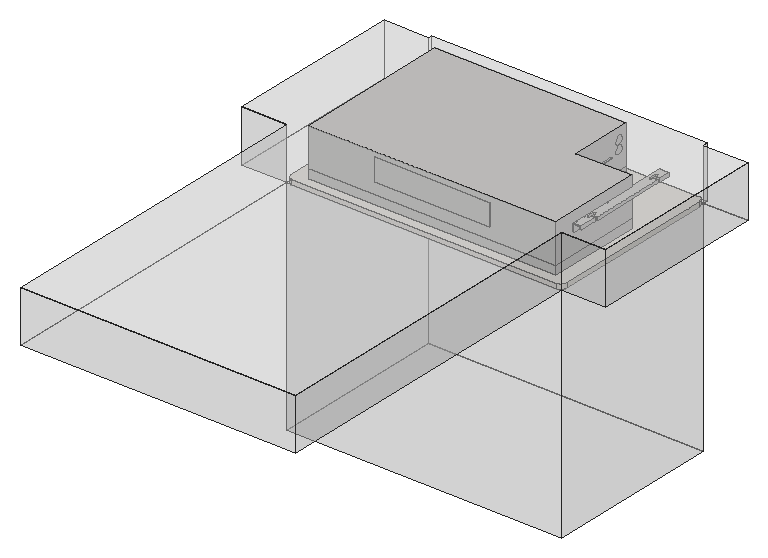
Revit family "outputfile", category 機械設備, Revit 2024
Family settings
  丸型コネクタ寸法 = 半径を使用
  パーツ タイプ = 標準
  OmniClass 番号 = 23.75.10.24.21.27.27
  OmniClass タイトル = Split System Air Conditioning Units
  作業面ベース = いいえ
  常に垂直 = はい
  ロード時にボイドで切り取り = いいえ
  注釈の向きを維持 = いいえ
  共有 = いいえ
  部屋計算ポイント = はい
Parameters (values of type "FXKQ40MAVE4")
  Description = ""
  製造元 = "Daikin"
  書き出し IFC クラス(タイプ) = "IfcUnitaryEquipmentType"
  定義済み IFC タイプ(タイプ) = "AIRCONDITIONINGUNIT"
  Cost = 0
  モデル = "FXKQ40MAVE4"
  Type Comments = ""
  Keynote = ""
  Type Image = (empty or 0)
  Assembly Code = ""
  w_mountinghole = if(Width = 1240.0 mm, 1150.0 mm, 1350.0 mm)  # 1150.0 mm
  w_casing = if(Width = 1240.0 mm, 1110.0 mm, 1310.0 mm)  # 1110.0 mm
  w_block = if(Width = 1240.0 mm, 520.0 mm, 720.0 mm)  # 520.0 mm
  r_OAduct = OA Duct Size Diameter / 2  # 37.5 mm
  r_Liquid Pipe Size = Liquid Pipe Size / 2  # 3.2 mm
  r_Gas Pipe Size = Gas Pipe Size / 2  # 6.35 mm
  r_Drain Pipe Size = Drain Pipe Size / 2  # 12.5 mm
  lw_powersuply = (Width - 130.0 mm) / 2 - 250.0 mm  # 305.0 mm
  lw_gaspipe = 148.0 mm  # constant formula
  lw_drainpipe = 67.0 mm  # constant formula
  lw_liquidpipe = 215.0 mm  # constant formula
  lw_OA = w_casing / 2  # 555.0 mm
  lh_powersuply = 165.0 mm  # constant formula
  lh_liquidpipe = 140.0 mm  # constant formula
  lh_gaspipe = 140.0 mm  # constant formula
  lh_drainpipe = 170.0 mm  # constant formula
  lh_OA = 65.0 mm  # constant formula
  ld_powersuply = 314.0 mm  # constant formula
  ld_liquidpipe = 230.0 mm  # constant formula
  ld_gaspipe = 165.0 mm  # constant formula
  ld_drainpipe = 122.0 mm  # constant formula
  ld_OA = 60.0 mm  # constant formula
  h_mountinghole = 170.0 mm  # constant formula
  h_casing = 215.0 mm  # constant formula
  h_antenna = h_casing - h_mountinghole + 1.0 mm  # 46.0 mm
  d_mountinghole = 350.0 mm  # constant formula
  d_casing = 710.0 mm  # constant formula
  Width = 1240.0 mm
  Voltage_comment_60Hz = "220"
  Voltage_comment_50Hz = "220-240"
  Voltage_60Hz = 220 V
  Voltage_50Hz = 220 V
  Version = "ver.1.0"
  Unit Type = "Single Flow Cassette Type"
  Unit Mass Weight = 31.00 kg
  Unit Designation [instance] = ""
  Uniclass2015Version = "Products v1.30"
  Uniclass2015Title = "Variable refrigerant flow units"
  Uniclass2015Code = "Pr_70_65_03_94"
  URL = ""
  Total Heating Capacity [instance] = 0.000 kW
  Total Cooling Capacity [instance] = 0.000 kW
  Sound Pressure Level_M speed (dBA) = 0
  Sound Pressure Level_L speed (dBA) = 35
  Sound Pressure Level_H speed (dBA) = 41
  Series = "VRV Fan Coil Unit"
  Sensible Cooling Capacity [instance] = 0.000 kW
  Refrigerant Type = "R410A"
  Power Input (Heating) = 0.056 kW
  Power Input (Cooling) = 0.076 kW
  Phase_60Hz = 1
  Phase_50Hz = 1
  Option Accessory 3 [instance] = ""
  Option Accessory 2 [instance] = ""
  Option Accessory 1 [instance] = ""
  OA Duct Size Diameter = 75.0 mm
  Nominal Heating Capacity = 5.000 kW
  Nominal Cooling Capacity = 4.500 kW
  Minimum Circuit Amps_60Hz = 0.5 A
  Minimum Circuit Amps_50Hz = 0.3 A
  Minimum Airflow = 600.00 m³/h
  Median Airflow = 0.00 m³/h
  Maximum Fuse Amps_60Hz = 15.0 A
  Maximum Fuse Amps_50Hz = 15.0 A
  Maximum Airflow = 780.00 m³/h
  Material_Casing = DAIKIN_GalvanizedSteel_Casing_indoorunit
  Load Classification = HVAC
  Liquid Pipe Size = 6.4 mm
  Link_Nested Family [instance] = ""
  IfcVersion = "0"
  IfcExportType = "AIRCONDITIONINGUNIT"
  IfcExportAs = "IfcUnitaryEquipmentType"
  Height = 235.0 mm
  Heating Entering Wet Bulb Temperature [instance] = 0.00 °C
  Heating Entering Dry Bulb Temperature [instance] = 0.00 °C
  Heating Ambient Wet Bulb Temperature [instance] = 0.00 °C
  Heating Ambient Dry Bulb Temperature [instance] = 0.00 °C
  Heat Exchanger Type = "Cross Fin Coil"
  Gas Pipe Size = 12.7 mm
  Frequency_60Hz = 60 Hz
  Frequency_50Hz = 50 Hz
  Fan Type = "Sirocco Fan"
  Fan Drive = "Direct Drive"
  FCU Tag No. [instance] = ""
  Drain Pipe Size = 25.0 mm
  Design Supply Airflow [instance] = 0.00 m³/h
  Design Outdoor Airflow [instance] = 0.00 m³/h
  Depth = 800.0 mm
  既定の高さ = 0.0 mm
  Cooling Entering Wet Bulb Temperature [instance] = 0.00 °C
  Cooling Entering Dry Bulb Temperature [instance] = 0.00 °C
  Cooling Ambient Wet Bulb Temperature [instance] = 0.00 °C
  Cooling Ambient Dry Bulb Temperature [instance] = 0.00 °C
  Clearance visibility [instance] = yes
  Clearance Top = 0.0 mm
  Clearance Right = 200.0 mm
  Clearance Rear = 20.0 mm
  Clearance Left = 200.0 mm
  Clearance Front = 1500.0 mm
  Clearance Bottom = 1000.0 mm
Reference planes
  plane 1 "Center (Front/Back)": y = 0
  plane 2 "ceiling plane": z = 0
  plane 3 "Center (Left/Right)": x = 0
  plane 4 "Back": y = 400
  plane 5 "Front": y = -400
  plane 6 "Left": x = -620
  plane 7 "Right": x = 620
  plane 8 "Top": z = 215
  plane 9 "Bottom": z = -20
  plane 10: x = -555
  plane 11: x = 555
  plane 12: y = 355
  plane 13: y = -355
  plane 14: x = 305
  plane 15: y = 75
  plane 16: y = 175
  plane 17: y = -175
  plane 18: x = -575
  plane 19: x = 575
  plane 20: z = 140
  plane 21: x = 340
  plane 22: y = 230
  plane 23: z = 140
  plane 24: x = 407
  plane 25: y = 165
  plane 26: z = 170
  plane 27: x = 488
  plane 28: y = 122
  plane 29: z = 140
  plane 30: x = -260
  plane 31: x = 260
  plane 32: y = 314
  plane 33: z = 165
  plane 34: x = 340
  plane 35: x = 407
  plane 36: x = 488
  plane 37 "Clearance Rear": y = 420
  plane 38 "Clearance Front": y = -1900
  plane 39 "Clearance Left": x = -820
  plane 40 "Clearance Right": x = 820
  plane 41 "Clearance Top": z = 215
  plane 42 "Clearance Bottom": z = -1020
  plane 43: y = 314
  plane 44: y = 295
  plane 45: z = 150
  plane 46: y = -298
  plane 47: x = -526.5
Forms (mm)
  Extrusion 1, solid, material "DAIKIN_GalvanizedSteel_Casing_indoorunit" <- "Material_Casing"
    sketch origin (0, 0, 0) x (1, 0, 0) y (0, 1, 0)
      loop
        line (-555, 355) -> (-555, -355) -> (555, -355) -> (555, 75) -> (305, 75) -> (305, 355) -> (-555, 355)
    from 38 to 215
  Extrusion 2, solid
    sketch origin (0, 0, 0) x (1, 0, 0) y (0, 0, 1)
      loop
        circle (340, 140) r 3.2
    from 0 to -230
  Extrusion 3, solid
    sketch origin (0, 0, 0) x (1, 0, 0) y (0, 0, 1)
      loop
        circle (407, 140) r 6.35
    from 0 to -165
  Extrusion 4, solid
    sketch origin (0, 0, 0) x (1, 0, 0) y (0, 0, 1)
      loop
        circle (488, 170) r 12.5
    from 0 to -122
  Extrusion 5, solid, material "DAIKIN_GalvanizedSteel_Casing_indoorunit" <- "Material_Casing"
    sketch origin (-1374.64, -355, 1200) x (-1, 0, 0) y (0, 0, 1)
      loop
        line (-1114.64, -1010) -> (-1634.64, -1010) -> (-1634.64, -1110) -> (-1114.64, -1110) -> (-1114.64, -1010)
    from 0 to 5
  Extrusion 6, solid, material "DAIKIN_GalvanizedSteel_Casing_indoorunit" <- "Material_Casing"
    sketch origin (305, 75, 0) x (0, 1, 0) y (0, 0, 1)
      loop
        arc (74.992, 72.003) -> (85, 70) -> (95.008, 72.003) r 26
        line (95.008, 72.003) -> (117.626, 81.437)
        arc (117.626, 81.437) -> (127, 96) -> (117.626, 110.563) r 16
        line (117.626, 110.563) -> (95.008, 119.997)
        arc (95.008, 119.997) -> (85, 122) -> (74.992, 119.997) r 26
        line (74.992, 119.997) -> (52.374, 110.563)
        arc (52.374, 110.563) -> (43, 96) -> (52.374, 81.437) r 16
        line (52.374, 81.437) -> (74.992, 72.003)
      loop
        circle (85, 96) r 20
    from 0 to 5
  Extrusion 7, solid, material "DAIKIN_GalvanizedSteel_Casing_indoorunit" <- "Material_Casing"
    sketch origin (305, 75, 0) x (0, 1, 0) y (0, 0, 1)
      loop
        circle (85, 96) r 7
    from 0 to 18
  Extrusion 8, solid, material "DAIKIN_GalvanizedSteel_Casing_indoorunit" <- "Material_Casing"
    sketch origin (-555, 1296.25, 1200) x (0, 1, 0) y (0, 0, 1)
      loop
        circle (-1001.25, -1050) r 37.5
    from 0 to 5
  Extrusion 9, solid, material "DAIKIN_GalvanizedSteel_Casing_indoorunit" <- "Material_Casing"
    sketch origin (305, 75, 0) x (0, 1, 0) y (0, 0, 1)
      loop
        circle (239, 165) r 17
      loop
        circle (239, 125.153) r 17
    from 0 to -5
  Extrusion 10, solid, material "DAIKIN_GalvanizedSteel_Casing_indoorunit" <- "Material_Casing"
    sketch origin (-1374.64, 355, 1200) x (-1, 0, 0) y (0, 0, 1)
      loop
        circle (-850.64, -1087) r 20
    from 0 to -5
Dimensions and locks
  "Width": plane 6 "Left" to plane 7 "Right"
  "Depth": plane 4 "Back" to plane 5 "Front"
  "Height": plane 8 "Top" to plane 9 "Bottom"
  equal spacing: plane 12, plane 1 "Center (Front/Back)", plane 13
  "d_casing": plane 12 to plane 13
  locked: plane 6 "Left" to plane 10 at 65
  plane 11 to plane 7 "Right" = 65.0 mm
  equal spacing: plane 6 "Left", plane 3 "Center (Left/Right)", plane 7 "Right"
  "w_casing": plane 10 to plane 11
  locked: plane 14 to plane 11 at 250
  locked: plane 12 to plane 15 at 280
  "h_casing": plane 8 "Top" to level
  equal spacing: plane 16, plane 1 "Center (Front/Back)", plane 17
  "d_mountinghole": plane 16 to plane 17
  equal spacing: plane 18, plane 3 "Center (Left/Right)", plane 19
  "w_mountinghole": plane 18 to plane 19
  "lw_liquidpipe": plane 11 to plane 21
  "lh_liquidpipe": plane 20 to level
  "ld_liquidpipe": plane 1 "Center (Front/Back)" to plane 22
  "lh_gaspipe": plane 23 to level
  "lw_gaspipe": plane 11 to plane 24
  "ld_gaspipe": plane 1 "Center (Front/Back)" to plane 25
  "lh_drainpipe": plane 26 to level
  "lw_drainpipe": plane 11 to plane 27
  "ld_drainpipe": plane 1 "Center (Front/Back)" to plane 28
  locked: plane 29 to level at 140
  Extrusion 5 sketch curve to plane 29 to Extrusion 5 sketch curve = 50.0 mm locked, 50.0 mm locked
  equal spacing: plane 31, plane 3 "Center (Left/Right)", plane 30
  "w_block": plane 31 to plane 30
  locked: plane 1 "Center (Front/Back)" to Extrusion 6 sketch curve at 160
  locked: Extrusion 6 sketch curve to level at 96
  plane 1 "Center (Front/Back)" to Extrusion 7 sketch curve = 160.0 mm
  Extrusion 7 sketch curve to level = 96.0 mm
  locked: plane 12 to Extrusion 8 sketch curve at 60
  locked: plane 8 "Top" to Extrusion 8 sketch curve at 65
  locked: Extrusion 10 sketch curve to plane 10 at 31
  locked: plane 8 "Top" to Extrusion 10 sketch curve at 102
  "lh_powersuply": plane 33 to level
  "lw_drainpipe": plane 36 to plane 11
  "lw_gaspipe": plane 35 to plane 11
  "lw_liquidpipe": plane 34 to plane 11
  "lw_powersuply": plane 3 "Center (Left/Right)" to Extrusion 1
  "Clearance Left": plane 39 "Clearance Left" to plane 6 "Left"
  "Clearance Right": plane 7 "Right" to plane 40 "Clearance Right"
  "Clearance Front": plane 5 "Front" to plane 38 "Clearance Front"
  "Clearance Rear": plane 37 "Clearance Rear" to plane 4 "Back"
  "Clearance Top": plane 41 "Clearance Top" to plane 8 "Top"
  "Clearance Bottom": plane 9 "Bottom" to plane 42 "Clearance Bottom"
  "ld_powersuply": plane 43 to plane 1 "Center (Front/Back)"
  "ld_powersuply": plane 1 "Center (Front/Back)" to Extrusion 9 sketch curve
  "ld_OA": plane 12 to plane 44
  "lh_OA": plane 41 "Clearance Top" to plane 45
  locked: plane 46 to plane 13 at 57
  locked: plane 6 "Left" to plane 47 at 93.5
  "r_Liquid Pipe Size": radius of Extrusion 2 sketch curve
  "r_Gas Pipe Size": radius of Extrusion 3 sketch curve
  "r_Drain Pipe Size": radius of Extrusion 4 sketch curve
  aligned and locked: level to plane 2 "ceiling plane"
  aligned and locked: plane 6 "Left" to nested 1
  aligned and locked: plane 7 "Right" to nested 1
  aligned and locked: plane 4 "Back" to nested 1
  aligned and locked: plane 5 "Front" to nested 1
  aligned and locked: plane 9 "Bottom" to nested 1
  aligned and locked: Extrusion 1 sketch curve to plane 10
  aligned and locked: plane 12 to Extrusion 1 sketch curve
  aligned and locked: Extrusion 1 sketch curve to plane 13
  aligned and locked: plane 11 to Extrusion 1 sketch curve
  aligned and locked: Extrusion 1 sketch curve to plane 15
  aligned and locked: plane 14 to Extrusion 1 sketch curve
  aligned and locked: Extrusion 1 to nested 1
  aligned and locked: plane 8 "Top" to Extrusion 1
  aligned and locked: plane 11 to nested 2
  aligned and locked: plane 10 to nested 3
  aligned and locked: nested 7 to plane 16
  aligned and locked: plane 19 to nested 7
  aligned and locked: nested 6 to plane 17
  aligned and locked: plane 19 to nested 6
  aligned and locked: nested 4 to plane 16
  aligned and locked: plane 18 to nested 4
  aligned and locked: nested 5 to plane 17
  aligned and locked: plane 18 to nested 5
  aligned and locked: plane 20 to Extrusion 2 sketch curve
  aligned and locked: plane 21 to Extrusion 2 sketch curve
  aligned and locked: plane 22 to Extrusion 2
  aligned and locked: plane 23 to Extrusion 3 sketch curve
  aligned and locked: plane 24 to Extrusion 3 sketch curve
  aligned and locked: plane 25 to Extrusion 3
  aligned and locked: plane 26 to Extrusion 4 sketch curve
  aligned and locked: plane 27 to Extrusion 4 sketch curve
  aligned and locked: plane 28 to Extrusion 4
  aligned and locked: plane 30 to Extrusion 5 sketch curve
  aligned and locked: Extrusion 5 sketch curve to plane 31
  aligned and locked: plane 32 to Extrusion 9 sketch curve
  aligned and locked: plane 33 to Extrusion 9 sketch curve
  aligned and locked: nested 8 to plane 34
  aligned and locked: plane 22 to nested 8
  aligned and locked: nested 9 to plane 35
  aligned and locked: plane 25 to nested 9
  aligned and locked: nested 10 to plane 36
  aligned and locked: plane 28 to nested 10
  aligned and locked: Extrusion 1 to nested 11
  aligned and locked: plane 43 to nested 11
  aligned and locked: nested 12 to plane 44
  aligned and locked: nested 12 to plane 10
  aligned and locked: nested 12 to plane 45
  aligned and locked: plane 1 "Center (Front/Back)" to nested 14
  aligned and locked: nested 14 to plane 3 "Center (Left/Right)"
  aligned and locked: plane 41 "Clearance Top" to nested 14
  aligned and locked: nested 13 to plane 46
  aligned and locked: plane 47 to nested 13
Automatic sketch dimensions
  Extrusion 6 sketch curve to Extrusion 6 sketch curve = 0.0 mm  (x4)
  Extrusion 1 to Extrusion 6 sketch curve = 34.003 mm  (x2)
  Extrusion 6 sketch curve to Extrusion 6 sketch curve = 10.008 mm  (x2)
  Extrusion 6 sketch curve to Extrusion 6 sketch curve = 26.0 mm  (x2)
  Extrusion 6 sketch curve to Extrusion 6 sketch curve = 6.626 mm  (x4)
  Extrusion 6 sketch curve to Extrusion 6 sketch curve = 20.016 mm
  Extrusion 1 to Extrusion 6 sketch curve = 43.437 mm
  Extrusion 6 sketch curve to Extrusion 6 sketch curve = 9.433 mm  (x2)
  Extrusion 6 sketch curve to Extrusion 6 sketch curve = 14.563 mm  (x2)
  Extrusion 9 sketch curve to Extrusion 9 sketch curve = 39.847 mm
  radius of Extrusion 6 sketch curve = 20.0 mm
  radius of Extrusion 7 sketch curve = 7.0 mm
  radius of Extrusion 8 sketch curve = 37.5 mm
  radius of Extrusion 10 sketch curve = 20.0 mm
  radius of Extrusion 9 sketch curve = 17.0 mm  (x2)
Nested families
  nested 1: "daikin_round flow_panel" at (0, 0, 0), type "fresh white"
  nested 2: "daikin_hangerfixture_FXKQ-MAVE4" at (555, -12.527, 170) x (0, 1, 0) z (0, 0, 1), built-in parameter 1001364 <- "h_mountinghole", type "daikin_hangerfixture_FXKQ-MAVE4"
  nested 3: "daikin_hangerfixture_FXKQ-MAVE4" at (-555, -12.527, 170) x (0, 1, 0) z (0, 0, 1), built-in parameter 1001364 <- "h_mountinghole", type "daikin_hangerfixture_FXKQ-MAVE4"
  nested 4: "daikin_mountinghole" at (-575, 175, 0), l_antenna <- "h_antenna", Link_Nested Family <- "Link_Nested Family", h_mountinghole <- "h_mountinghole", type "daikin_mountinghole"
    with show yes, l_antenna 46.0 mm, h_mountinghole 170.0 mm, Link_Nested Family ""
  nested 5: "daikin_mountinghole" at (-575, -175, 0), l_antenna <- "h_antenna", Link_Nested Family <- "Link_Nested Family", h_mountinghole <- "h_mountinghole", type "daikin_mountinghole"
    with show yes, l_antenna 46.0 mm, h_mountinghole 170.0 mm, Link_Nested Family ""
  nested 6: "daikin_mountinghole" at (575, -175, 0), l_antenna <- "h_antenna", Link_Nested Family <- "Link_Nested Family", h_mountinghole <- "h_mountinghole", type "daikin_mountinghole"
    with show yes, l_antenna 46.0 mm, h_mountinghole 170.0 mm, Link_Nested Family ""
  nested 7: "daikin_mountinghole" at (575, 175, 0), l_antenna <- "h_antenna", Link_Nested Family <- "Link_Nested Family", h_mountinghole <- "h_mountinghole", type "daikin_mountinghole"
    with show yes, l_antenna 46.0 mm, h_mountinghole 170.0 mm, Link_Nested Family ""
  nested 8: "daikin_connector_rotate2" at (340, 0, 140) x (-1, 0, 0) z (0, 0, 1), built-in parameter 1001364 <- "lh_liquidpipe", radius <- "r_Liquid Pipe Size", length <- "ld_liquidpipe", type "daikin_connector_rotate2"
    with radius 3.2 mm, length 230.0 mm, angle_vertical 90.00°, show_face no
  nested 9: "daikin_connector_rotate2" at (407, 0, 140) x (-1, 0, 0) z (0, 0, 1), built-in parameter 1001364 <- "lh_gaspipe", radius <- "r_Gas Pipe Size", length <- "ld_gaspipe", type "daikin_connector_rotate2"
    with radius 6.35 mm, length 165.0 mm, angle_vertical 90.00°, show_face no
  nested 10: "daikin_connector_rotate2" at (488, 0, 170) x (-1, 0, 0) z (0, 0, 1), built-in parameter 1001364 <- "lh_drainpipe", radius <- "r_Drain Pipe Size", length <- "ld_drainpipe", type "daikin_connector_rotate2"
    with radius 12.5 mm, length 122.0 mm, angle_vertical 90.00°, show_face no
  nested 11: "daikin_connector_rotate2" at (0, 314, 165) x (0, 1, 0) z (0, 0, 1), length <- "lw_powersuply", built-in parameter 1001364 <- "lh_powersuply", type "daikin_connector_rotate2"
    with radius 10.0 mm, length 305.0 mm, angle_vertical 90.00°, show_face no
  nested 12: "daikin_connector_rotate2" at (0, 295, 150) x (0, -1, 0) z (0, 0, 1), radius <- "r_OAduct", length <- "lw_OA", type "daikin_connector_rotate2"
    with radius 37.5 mm, length 555.0 mm, angle_vertical 90.00°, show_face no
  nested 13: "daikin_logo_plane_w40" at (-526.5, -298, -22), type "daikin_logo_plane_w40"
    with show_logo yes
  nested 14: "daikin_clearancespace_cassette" at (0, 0, 97.5), depth_outline <- "Depth", height_outline <- "Height", width_outline <- "Width", depth_front <- "Clearance Front", depth_rear <- "Clearance Rear", height_bottom <- "Clearance Bottom", height_top <- "Clearance Top", width_left <- "Clearance Left", width_right <- "Clearance Right", show <- "Clearance visibility", visible <- "Clearance visibility", Link_Nested Family <- "Link_Nested Family", type "daikin_clearancespace_cassette"
    with width_right 200.0 mm, width_outline 1240.0 mm, width_left 200.0 mm, width 1823.963 mm, show yes, height_top 0.0 mm, height_outline 235.0 mm, height_bottom 1000.0 mm, height 1359.762 mm, depth_rear 20.0 mm, depth_outline 800.0 mm, depth_front 1500.0 mm, depth 880.0 mm, Link_Nested Family ""
Connectors
  electrical at (305, 314, 165), driven by "Load Classification"
    settings: on nested 11, index 1, voltage 0 V, apparent load 0 VA, apparent load phase1 0 VA, apparent load phase2 0 VA, apparent load phase3 0 VA, power factor 1, load classification "HVAC", number of poles 1, system type 30, power factor state 1, is connector primary yes, connector utility no, sub classification motor no, connector description "Power Supply"
  piping at (340, 230, 140), diameter 6.4, driven by "r_Liquid Pipe Size"
    settings: on nested 8, index 2, connector inside diameter 609.6 mm, connector length 0.0 mm, flow factor 0, pipe flow 0.00 m³/h, pressure drop 0.0 Pa, fitting loss kfactor 0, connector angle 0.00°, fixture units 0, engagement length 0.0 mm, angle of deflection 0.00°, flow configuration 1, flow direction 1, fitting loss method 0, system type 29, joint type 0, gender type 0, connector reference index -1, connector utility 0, adjustable connector no, is connector primary yes, connector description "Refrigerant Liquid Piping"
  piping at (407, 165, 140), diameter 12.7, driven by "r_Gas Pipe Size"
    settings: on nested 9, index 3, connector inside diameter 609.6 mm, connector length 0.0 mm, flow factor 0, pipe flow 0.00 m³/h, pressure drop 0.0 Pa, fitting loss kfactor 0, connector angle 0.00°, fixture units 0, engagement length 0.0 mm, angle of deflection 0.00°, flow configuration 1, flow direction 2, fitting loss method 0, system type 29, joint type 0, gender type 0, connector reference index -1, connector utility 0, adjustable connector no, is connector primary no, connector description "Refrigerant Gas Piping"
  piping at (488, 122, 170), diameter 25, driven by "r_Drain Pipe Size"
    settings: on nested 10, index 4, connector inside diameter 609.6 mm, connector length 0.0 mm, flow factor 0, pipe flow 0.00 m³/h, pressure drop 0.0 Pa, fitting loss kfactor 0, connector angle 0.00°, fixture units 0, engagement length 0.0 mm, angle of deflection 0.00°, flow configuration 1, flow direction 2, fitting loss method 4, system type 16, joint type 0, gender type 0, connector reference index -1, connector utility 0, adjustable connector no, is connector primary no, connector description "Condensate Drain Piping"
  hvac at (-555, 295, 150), driven by "r_OAduct"
    settings: on nested 12, index 5, duct flow 0.00 m³/h, flow factor 0, pres drop 0.00 Pa, loss coef 0, conn angle 0.00°, conn width 304.8 mm, conn height 304.8 mm, conn diameter 75.0 mm, duct sys type 1, conn prof type 0, flow config 0, flow direction 1, loss method 4, conn ref index -1, conn util no, is conn primary yes, conn desc "OA Duct"
Definition of nested family "daikin_round flow_panel"
  Parameters (values of type "fresh white")
    width = if(W = 1240.0 mm, 1240.0 mm, 1440.0 mm)  # 1240.0 mm
    w_casing = width - 130.0 mm  # 1110.0 mm
    material_panel = none
    material_casing = none
    height = 58.0 mm  # constant formula
    depth = 800.0 mm  # constant formula
    d_casing = 710.0 mm  # constant formula
    W = 1240.0 mm
    Default Elevation = 0.0 mm
  Reference planes
    plane 1 "Center (Front/Back)": y = 0
    plane 2: z = 0
    plane 3 "Center (Left/Right)": x = 0
    plane 4: y = 400
    plane 5: y = -400
    plane 6: x = -620
    plane 7: x = 620
    plane 8 "Bottom": z = -20
    plane 9: y = 355
    plane 10: y = -355
    plane 11: x = -555
    plane 12: x = 555
    plane 13: z = 38
    plane 14: x = -563
    plane 15: x = 563
    plane 16: y = 341
    plane 17: y = -350
    plane 18: y = 71
    plane 19: y = -228
    plane 20: x = -490
    plane 21: x = 490
    plane 22: x = 305
    plane 23: y = 75
  Forms (mm)
    Extrusion 1, solid, material <- "material_casing"
      sketch origin (0, 0, 0) x (1, 0, 0) y (0, 1, 0)
        loop
          line (-555, 355) -> (-555, -355) -> (555, -355) -> (555, 355) -> (-555, 355)
      from 0 to 38
    Extrusion 2, solid, material <- "material_panel"
      sketch origin (0, 0, 0) x (1, 0, 0) y (0, 1, 0)
        loop
          arc (-595, 400) -> (-612.678, 392.678) -> (-620, 375) r 25
          line (-620, 375) -> (-620, -375)
          arc (-620, -375) -> (-612.678, -392.678) -> (-595, -400) r 25
          line (-595, -400) -> (595, -400)
          arc (595, -400) -> (612.678, -392.678) -> (620, -375) r 25
          line (620, -375) -> (620, 375)
          arc (620, 375) -> (612.678, 392.678) -> (595, 400) r 25
          line (595, 400) -> (-595, 400)
      from 0 to -20
    Extrusion 3, void
      sketch origin (0, 0, 0) x (1, 0, 0) y (0, 1, 0)
        loop
          line (-563, 400) -> (-563, -400) -> (563, -400) -> (563, 400) -> (-563, 400)
      from -10 to -20
    Extrusion 4, solid, material <- "material_panel"
      sketch origin (0, 0, 0) x (1, 0, 0) y (0, 1, 0)
        loop
          line (-563, 400) -> (-563, 341) -> (563, 341) -> (563, 400) -> (-563, 400)
        loop
          line (-563, -350) -> (-563, -400) -> (563, -400) -> (563, -350) -> (-563, -350)
      from -20 to -10
    Extrusion 5, solid, material <- "material_panel"
      sketch origin (0, 0, 0) x (1, 0, 0) y (0, 1, 0)
        loop
          line (-563, 341) -> (-563, 71) -> (563, 71) -> (563, 341) -> (-563, 341)
      from -20 to -10
    Extrusion 6, solid, material <- "material_panel"
      sketch origin (0, 0, 0) x (1, 0, 0) y (0, 1, 0)
        loop
          line (-563, 71) -> (-563, -228) -> (563, -228) -> (563, 71) -> (-563, 71)
      from -20 to -10
    Extrusion 7, solid, material <- "material_panel"
      sketch origin (0, 0, 0) x (1, 0, 0) y (0, 1, 0)
        loop
          line (-563, -228) -> (-563, -350) -> (-490, -350) -> (-490, -228) -> (-563, -228)
        loop
          line (490, -228) -> (490, -350) -> (563, -350) -> (563, -228) -> (490, -228)
      from -20 to -10
    Extrusion 8, solid, material <- "material_panel"
      sketch origin (0, 0, 0) x (1, 0, 0) y (0, 1, 0)
        loop
          line (-490, -228) -> (-490, -350) -> (-472, -350) -> (-472, -228) -> (-490, -228)
        loop
          line (472, -228) -> (472, -350) -> (490, -350) -> (490, -228) -> (472, -228)
      from -20 to -10
    Extrusion 9, solid, material <- "material_panel"
      sketch origin (0, 0, 0) x (1, 0, 0) y (0, 1, 0)
        loop
          line (-472, -228) -> (-472, -350) -> (472, -350) -> (472, -228) -> (-472, -228)
      from -20 to -10
    Extrusion 10, void
      sketch origin (0, 0, 0) x (1, 0, 0) y (0, 1, 0)
        loop
          line (305, 355) -> (305, 75) -> (555, 75) -> (555, 355) -> (305, 355)
      from 38 to 0
  Cuts and joins
    Extrusion 3, Extrusion 10 cuts Extrusion 1
    Extrusion 3, Extrusion 10 cuts Extrusion 2
    Extrusion 10 cuts Extrusion 4
    joined: Extrusion 2, Extrusion 4
  Dimensions and locks
    "width": plane 6 to plane 7
    "depth": plane 4 to plane 5
    equal spacing: plane 6, plane 3 "Center (Left/Right)", plane 7
    equal spacing: plane 4, plane 1 "Center (Front/Back)", plane 5
    equal spacing: plane 9, plane 1 "Center (Front/Back)", plane 10
    "d_casing": plane 9 to plane 10
    equal spacing: plane 11, plane 3 "Center (Left/Right)", plane 12
    "w_casing": plane 11 to plane 12
    locked: level to plane 8 "Bottom" at 20
    locked: plane 6 to plane 14 at 57
    locked: plane 15 to plane 7 at 57
    "height": plane 13 to plane 8 "Bottom"
    locked: plane 4 to plane 16 at 59
    locked: plane 17 to plane 5 at 50
    locked: cut or joined group of Extrusion 2, Extrusion 3, Extrusion 4, Extrusion 10 to plane 18 at 270
    locked: plane 19 to Extrusion 5 at 299
    locked: plane 14 to plane 20 at 73
    locked: plane 21 to plane 15 at 73
    locked: plane 9 to plane 23 at 280
    locked: plane 22 to plane 12 at 250
    plane 6 to Extrusion 8 sketch curve to Extrusion 8 sketch curve = 130.0 mm locked, 18.0 mm locked
    Extrusion 8 sketch curve to Extrusion 8 sketch curve to plane 7 = 18.0 mm locked, 130.0 mm locked
    radius of Extrusion 2 sketch curve = 25.0 mm  (x4)
    aligned and locked: level to plane 2
    aligned and locked: plane 11 to Extrusion 1 sketch curve
    aligned and locked: Extrusion 1 sketch curve to plane 12
    aligned and locked: Extrusion 1 sketch curve to plane 9
    aligned and locked: plane 10 to Extrusion 1 sketch curve
    aligned and locked: Extrusion 1 to level
    aligned and locked: plane 13 to Extrusion 1
    aligned and locked: Extrusion 2 sketch curve to plane 4
    aligned and locked: plane 6 to Extrusion 2 sketch curve
    aligned and locked: plane 5 to Extrusion 2 sketch curve
    aligned and locked: Extrusion 2 sketch curve to plane 7
    aligned and locked: Extrusion 2 to plane 8 "Bottom"
    aligned and locked: level to Extrusion 2
    aligned and locked: plane 14 to Extrusion 3 sketch curve
    aligned and locked: Extrusion 3 sketch curve to plane 15
    aligned and locked: Extrusion 3 sketch curve to plane 4
    aligned and locked: plane 5 to Extrusion 3 sketch curve
    aligned and locked: plane 8 "Bottom" to Extrusion 3
    aligned and locked: plane 16 to Extrusion 4 sketch curve
    aligned and locked: Extrusion 4 sketch curve to plane 4
    aligned and locked: plane 14 to Extrusion 4 sketch curve  (x2)
    aligned and locked: Extrusion 4 sketch curve to plane 15  (x2)
    aligned and locked: Extrusion 4 sketch curve to plane 17
    aligned and locked: plane 5 to Extrusion 4 sketch curve
    aligned and locked: Extrusion 4 to cut or joined group of Extrusion 2, Extrusion 3, Extrusion 4, Extrusion 10
    aligned and locked: Extrusion 4 to plane 8 "Bottom"
    aligned and locked: Extrusion 5 sketch curve to cut or joined group of Extrusion 2, Extrusion 3, Extrusion 4, Extrusion 10  (x2)
    aligned and locked: Extrusion 5 sketch curve to plane 18
    aligned and locked: Extrusion 5 sketch curve to plane 15
    aligned and locked: Extrusion 5 to cut or joined group of Extrusion 2, Extrusion 3, Extrusion 4, Extrusion 10
    aligned and locked: Extrusion 5 to plane 8 "Bottom"
    aligned and locked: Extrusion 5 to Extrusion 6 sketch curve
    aligned and locked: Extrusion 6 sketch curve to plane 19
    aligned and locked: plane 14 to Extrusion 6 sketch curve
    aligned and locked: Extrusion 6 sketch curve to plane 15
    aligned and locked: Extrusion 6 to cut or joined group of Extrusion 2, Extrusion 3, Extrusion 4, Extrusion 10
    aligned and locked: Extrusion 6 to plane 8 "Bottom"
    aligned and locked: Extrusion 6 to Extrusion 7 sketch curve  (x2)
    aligned and locked: cut or joined group of Extrusion 2, Extrusion 3, Extrusion 4, Extrusion 10 to Extrusion 7 sketch curve  (x2)
    aligned and locked: plane 21 to Extrusion 7 sketch curve
    aligned and locked: Extrusion 7 sketch curve to plane 15
    aligned and locked: Extrusion 7 sketch curve to plane 20
    aligned and locked: plane 14 to Extrusion 7 sketch curve
    aligned and locked: Extrusion 7 to cut or joined group of Extrusion 2, Extrusion 3, Extrusion 4, Extrusion 10
    aligned and locked: Extrusion 7 to plane 8 "Bottom"
    aligned and locked: cut or joined group of Extrusion 2, Extrusion 3, Extrusion 4, Extrusion 10 to Extrusion 8
    aligned and locked: Extrusion 8 to plane 8 "Bottom"
    aligned and locked: Extrusion 6 to Extrusion 9 sketch curve
    aligned and locked: cut or joined group of Extrusion 2, Extrusion 3, Extrusion 4, Extrusion 10 to Extrusion 9 sketch curve
    aligned and locked: cut or joined group of Extrusion 2, Extrusion 3, Extrusion 4, Extrusion 10 to Extrusion 9
    aligned and locked: Extrusion 9 to plane 8 "Bottom"
    aligned and locked: Extrusion 10 sketch curve to plane 9
    aligned and locked: Extrusion 10 sketch curve to plane 23
    aligned and locked: plane 22 to Extrusion 10 sketch curve
    aligned and locked: Extrusion 10 sketch curve to plane 12
    aligned and locked: Extrusion 10 to plane 13
    aligned and locked: Extrusion 10 to level
  Automatic sketch dimensions
    plane 11 to Extrusion 9 sketch curve = 83.0 mm
    Extrusion 9 sketch curve to plane 12 = 83.0 mm
    plane 10 to Extrusion 8 sketch curve = 5.0 mm  (x2)
    Extrusion 8 sketch curve to Extrusion 8 sketch curve = 122.0 mm  (x2)
Definition of nested family "daikin_hangerfixture_FXKQ-MAVE4"
  Parameters (values of type "daikin_hangerfixture_FXKQ-MAVE4")
    width = 495.0 mm
    material = none
    height = 40.0 mm
    depth = 40.0 mm
    Default Elevation = 0.0 mm
  Reference planes
    plane 1 "Center (Front/Back)": y = 0
    plane 2: z = 0
    plane 3 "Center (Left/Right)": x = 0
    plane 4: y = 417.146
    plane 5: y = -40
    plane 6: x = -247.5
    plane 7: x = 247.5
    plane 8: z = -4.6
    plane 9: z = -16
    plane 10: y = -2.3
    plane 11: y = -35.4
    plane 12 "CENTER": y = -20
    plane 13: z = -40
  Forms (mm)
    Extrusion 1, solid, material <- "material"
      sketch origin (0, 0, 0) x (1, 0, 0) y (0, 1, 0)
        loop
          line (-247.5, -40) -> (-168.5, -40) -> (-168.5, -29)
          arc (-168.5, -29) -> (-169.379, -26.879) -> (-171.5, -26) r 3
          line (-171.5, -26) -> (-176.5, -26)
          arc (-176.5, -26) -> (-182.5, -20) -> (-176.5, -14) r 6
          line (-176.5, -14) -> (-148.5, -14)
          arc (-148.5, -14) -> (-142.5, -20) -> (-148.5, -26) r 6
          line (-148.5, -26) -> (-153.5, -26)
          arc (-153.5, -26) -> (-155.621, -26.879) -> (-156.5, -29) r 3
          line (-156.5, -29) -> (-156.5, -40) -> (181.5, -40) -> (181.5, -29)
          arc (181.5, -29) -> (180.621, -26.879) -> (178.5, -26) r 3
          line (178.5, -26) -> (173.5, -26)
          arc (173.5, -26) -> (167.5, -20) -> (173.5, -14) r 6
          line (173.5, -14) -> (201.5, -14)
          arc (201.5, -14) -> (207.5, -20) -> (201.5, -26) r 6
          line (201.5, -26) -> (196.5, -26)
          arc (196.5, -26) -> (194.379, -26.879) -> (193.5, -29) r 3
          line (193.5, -29) -> (193.5, -40) -> (247.5, -40) -> (247.5, 0) -> (-247.5, 0) -> (-247.5, -40)
      from 0 to -4.6
    Extrusion 2, solid, material <- "material"
      sketch origin (-1008.844, -40, 1200) x (-1, 0, 0) y (0, 0, 1)
        loop
          line (-761.344, -1200) -> (-840.344, -1200) -> (-840.344, -1210)
          arc (-840.344, -1210) -> (-838.587, -1214.243) -> (-834.344, -1216) r 6
          line (-834.344, -1216) -> (-767.344, -1216)
          arc (-767.344, -1216) -> (-763.102, -1214.243) -> (-761.344, -1210) r 6
          line (-761.344, -1210) -> (-761.344, -1200)
        loop
          line (-852.344, -1200) -> (-1190.344, -1200) -> (-1190.344, -1210)
          arc (-1190.344, -1210) -> (-1188.587, -1214.243) -> (-1184.344, -1216) r 6
          line (-1184.344, -1216) -> (-858.344, -1216)
          arc (-858.344, -1216) -> (-854.102, -1214.243) -> (-852.344, -1210) r 6
          line (-852.344, -1210) -> (-852.344, -1200)
        loop
          line (-1202.344, -1200) -> (-1256.344, -1200) -> (-1256.344, -1210)
          arc (-1256.344, -1210) -> (-1254.587, -1214.243) -> (-1250.344, -1216) r 6
          line (-1250.344, -1216) -> (-1208.344, -1216)
          arc (-1208.344, -1216) -> (-1204.102, -1214.243) -> (-1202.344, -1210) r 6
          line (-1202.344, -1210) -> (-1202.344, -1200)
      from 0 to 4.6
    Extrusion 3, solid, material <- "material"
      sketch origin (0, 0, 0) x (1, 0, 0) y (0, 0, 1)
        loop
          line (-237.5, -40) -> (237.5, -40)
          arc (237.5, -40) -> (244.571, -37.071) -> (247.5, -30) r 10
          line (247.5, -30) -> (247.5, 0) -> (-247.5, 0) -> (-247.5, -30)
          arc (-247.5, -30) -> (-244.571, -37.071) -> (-237.5, -40) r 10
      from 0 to 4.6
  Cuts and joins
    joined: Extrusion 1, Extrusion 2, Extrusion 3
  Dimensions and locks
    "width": plane 6 to plane 7
    "depth": plane 5 to plane 1 "Center (Front/Back)"
    plane 2 to plane 8 = 4.6 mm
    plane 10 to plane 1 "Center (Front/Back)" = 2.3 mm
    plane 11 to plane 5 = 4.6 mm
    equal spacing: plane 5, plane 12 "CENTER", plane 1 "Center (Front/Back)"
    plane 6 to plane 3 "Center (Left/Right)" = 247.5 mm
    plane 3 "Center (Left/Right)" to plane 7 = 247.5 mm
    "height": level to plane 13
    aligned and locked: level to plane 2
    aligned and locked: plane 2 to Extrusion 1
    aligned and locked: Extrusion 1 sketch curve to plane 5
    aligned and locked: Extrusion 1 sketch curve to plane 6
    aligned and locked: Extrusion 3 sketch curve to plane 13
    aligned and locked: Extrusion 3 sketch curve to cut or joined group of Extrusion 1, Extrusion 2, Extrusion 3  (x2)
    aligned and locked: Extrusion 3 sketch curve to plane 6
  Automatic sketch dimensions
    Extrusion 2 sketch curve to plane 9 = 0.0 mm  (x3)
    Extrusion 2 sketch curve to level = 0.0 mm  (x3)
    Extrusion 2 sketch curve to Extrusion 2 sketch curve = 6.0 mm  (x3)
    Extrusion 2 sketch curve to Extrusion 2 sketch curve = 18.0 mm
    plane 9 to Extrusion 2 sketch curve = 6.0 mm  (x2)
    plane 6 to Extrusion 2 sketch curve = 6.0 mm
    Extrusion 2 sketch curve to plane 7 = 0.0 mm
    Extrusion 2 sketch curve to plane 6 = 0.0 mm
    Extrusion 2 sketch curve to Extrusion 2 sketch curve = 42.0 mm
    Extrusion 2 sketch curve to Extrusion 2 sketch curve = 12.0 mm
    Extrusion 2 sketch curve to Extrusion 2 sketch curve = 91.0 mm
    Extrusion 1 sketch curve to plane 12 "CENTER" = 0.0 mm  (x4)
    Extrusion 1 sketch curve to plane 5 = 0.0 mm  (x2)
    Extrusion 1 sketch curve to plane 7 = 0.0 mm
    plane 1 "Center (Front/Back)" to Extrusion 1 sketch curve = 0.0 mm
    Extrusion 1 sketch curve to plane 12 "CENTER" = 6.0 mm  (x2)
    plane 6 to Extrusion 1 sketch curve = 71.0 mm
    Extrusion 1 sketch curve to Extrusion 1 sketch curve = 5.0 mm  (x4)
    Extrusion 1 sketch curve to Extrusion 1 sketch curve = 3.0 mm  (x4)
    Extrusion 1 sketch curve to Extrusion 1 sketch curve = 12.0 mm  (x2)
    Extrusion 1 sketch curve to plane 7 = 74.0 mm
    plane 6 to Extrusion 3 sketch curve = 10.0 mm
    Extrusion 3 sketch curve to plane 7 = 10.0 mm
Definition of nested family "daikin_logo_plane_w40"
  Parameters (values of type "daikin_logo_plane_w40")
    width = 40.0 mm
    show_logo [instance] = yes
    material = none
    height = 0.0 mm
    depth = 0.0 mm
    Default Elevation = 0.0 mm
  Reference planes
    plane 1 "Center (Front/Back)": y = 0
    plane 2: z = 0
    plane 3 "Center (Left/Right)": x = 0
    plane 4: z = 2
    plane 5 "left": x = -19
    plane 6: x = 19
  Forms (mm)
    Extrusion 1, solid, visible <- "show_logo"
      sketch origin (-19, 0, 0) x (1, 0, 0) y (0, 1, 0)
        loop
          line (8.902, -1.878) -> (7.789, -6.332) -> (11.13, -6.332)
          arc (11.13, -6.332) -> (12.454, -6.064) -> (13.472, -5.176) r 2.642
          arc (13.472, -5.176) -> (13.92, -4.02) -> (13.767, -2.79) r 2.537
          arc (13.767, -2.79) -> (13.452, -2.342) -> (12.982, -2.06) r 1.321
          arc (12.982, -2.06) -> (12.063, -1.902) -> (11.13, -1.878) r 6.479
          line (11.13, -1.878) -> (8.902, -1.878)
        loop
          line (10.016, -5.441) -> (10.907, -5.441)
          arc (10.907, -5.441) -> (11.591, -4.983) -> (11.988, -4.261) r 1.742
          spline (11.988, -4.261) -> (12.01, -4.155) -> (12.027, -4.03) -> (12.037, -3.893) -> (12.037, -3.747) -> (12.026, -3.598) -> (12.002, -3.451) -> (11.962, -3.31) -> (11.905, -3.181) -> (11.829, -3.069) -> (11.731, -2.978) -> (11.61, -2.913) -> (11.464, -2.88)
          line (11.464, -2.88) -> (10.573, -2.88) -> (10.016, -5.441)
        loop
          line (13.58, -6.332) -> (14.805, -6.332) -> (15.223, -5.553) -> (16.977, -5.553) -> (17.144, -6.332) -> (19.149, -6.332) -> (18.258, -1.878) -> (16.03, -1.878) -> (13.58, -6.332)
        loop
          line (16.476, -3.214) -> (15.76, -4.551) -> (16.762, -4.551) -> (16.476, -3.214)
        loop
          line (19.705, -6.332) -> (21.599, -6.332) -> (22.712, -1.878) -> (20.819, -1.878) -> (19.705, -6.332)
        loop
          line (22.712, -6.332) -> (24.606, -6.332) -> (24.908, -5.122) -> (25.831, -6.332) -> (28.17, -6.332) -> (26.388, -3.994) -> (28.949, -1.878) -> (26.945, -1.878) -> (25.401, -3.153) -> (25.719, -1.878) -> (23.826, -1.878) -> (22.712, -6.332)
        loop
          line (29.84, -1.878) -> (28.615, -6.332) -> (30.62, -6.332) -> (31.734, -1.878) -> (29.84, -1.878)
        loop
          line (31.734, -6.332) -> (33.07, -6.332) -> (33.7, -3.814) -> (34.518, -6.332) -> (36.745, -6.332) -> (37.859, -1.878) -> (36.523, -1.878) -> (35.845, -4.589) -> (34.963, -1.878) -> (32.847, -1.878) -> (31.734, -6.332)
      from 0 to 2
    Extrusion 2, solid, visible <- "show_logo"
      sketch origin (-19, 0, 0) x (1, 0, 0) y (0, 1, 0)
        loop
          line (8.7, 0) -> (4.235, 0) -> (0, -3.879) -> (0, -8) -> (8.7, 0)
      from 0 to 2
    Extrusion 3, solid, visible <- "show_logo"
      sketch origin (-19, 0, 0) x (1, 0, 0) y (0, 1, 0)
        loop
          line (0, 0) -> (0, -3.879) -> (4.235, 0) -> (0, 0)
      from 0 to 2
  Dimensions and locks
    plane 4 to plane 2 = 2.0 mm
    equal spacing: plane 5 "left", plane 3 "Center (Left/Right)", plane 6
    locked: plane 5 "left" to plane 6 at 38
    aligned and locked: level to plane 2
    aligned and locked: Extrusion 3 to plane 1 "Center (Front/Back)"  (x2)
    aligned and locked: Extrusion 2 to plane 1 "Center (Front/Back)"  (x2)
    aligned and locked: plane 4 to Extrusion 1
    aligned and locked: plane 4 to Extrusion 3
    aligned and locked: plane 4 to Extrusion 2
    aligned and locked: Extrusion 3 to plane 5 "left"
    aligned and locked: Extrusion 2 to plane 5 "left"
  Automatic sketch dimensions
    Extrusion 1 sketch curve to Extrusion 1 sketch curve = 0.901 mm
    Extrusion 1 sketch curve to Extrusion 1 sketch curve = 1.559 mm
    Extrusion 1 sketch curve to Extrusion 1 sketch curve = 1.327 mm
    Extrusion 1 sketch curve to Extrusion 1 sketch curve = 2.145 mm
    Extrusion 1 sketch curve to Extrusion 1 sketch curve = 1.448 mm
    Extrusion 1 sketch curve to Extrusion 1 sketch curve = 2.116 mm
    Extrusion 1 sketch curve to Extrusion 1 sketch curve = 1.114 mm  (x4)
    Extrusion 1 sketch curve to Extrusion 1 sketch curve = 1.336 mm  (x2)
    plane 1 "Center (Front/Back)" to Extrusion 1 sketch curve = 1.878 mm  (x5)
    Extrusion 1 sketch curve to Extrusion 1 sketch curve = 1.893 mm  (x5)
    Extrusion 1 sketch curve to Extrusion 1 sketch curve = 0.891 mm  (x4)
    Extrusion 1 sketch curve to Extrusion 1 sketch curve = 2.005 mm  (x3)
    Extrusion 1 sketch curve to Extrusion 1 sketch curve = 0.445 mm  (x2)
    plane 1 "Center (Front/Back)" to Extrusion 1 sketch curve = 3.994 mm
    Extrusion 1 sketch curve to Extrusion 1 sketch curve = 0.557 mm  (x2)
    Extrusion 1 sketch curve to Extrusion 1 sketch curve = 2.339 mm  (x2)
    Extrusion 1 sketch curve to Extrusion 1 sketch curve = 1.225 mm  (x3)
    plane 1 "Center (Front/Back)" to Extrusion 1 sketch curve = 3.153 mm
    Extrusion 1 sketch curve to Extrusion 1 sketch curve = 0.987 mm
    plane 1 "Center (Front/Back)" to Extrusion 1 sketch curve = 5.122 mm
    Extrusion 1 sketch curve to Extrusion 1 sketch curve = 0.922 mm
    plane 1 "Center (Front/Back)" to Extrusion 1 sketch curve = 6.332 mm
    Extrusion 1 sketch curve to Extrusion 1 sketch curve = 2.562 mm
    plane 1 "Center (Front/Back)" to Extrusion 1 sketch curve = 5.553 mm
    Extrusion 1 sketch curve to Extrusion 1 sketch curve = 0.167 mm
    Extrusion 1 sketch curve to Extrusion 1 sketch curve = 0.215 mm
    plane 1 "Center (Front/Back)" to Extrusion 1 sketch curve = 3.214 mm
    Extrusion 1 sketch curve to Extrusion 1 sketch curve = 0.286 mm
    plane 1 "Center (Front/Back)" to Extrusion 1 sketch curve = 4.551 mm
    Extrusion 1 sketch curve to Extrusion 1 sketch curve = 1.002 mm
    Extrusion 1 sketch curve to Extrusion 1 sketch curve = 0.537 mm
    Extrusion 1 sketch curve to Extrusion 1 sketch curve = 0.418 mm
    Extrusion 1 sketch curve to Extrusion 1 sketch curve = 1.028 mm
    plane 1 "Center (Front/Back)" to Extrusion 1 sketch curve = 4.261 mm
    Extrusion 1 sketch curve to Extrusion 1 sketch curve = 0.563 mm
    plane 1 "Center (Front/Back)" to Extrusion 1 sketch curve = 2.88 mm
    Extrusion 1 sketch curve to Extrusion 1 sketch curve = 1.088 mm
    Extrusion 1 sketch curve to Extrusion 1 sketch curve = 2.152 mm
    Extrusion 1 sketch curve to Extrusion 1 sketch curve = 0.586 mm
    Extrusion 1 sketch curve to Extrusion 1 sketch curve = 0.118 mm
    Extrusion 1 sketch curve to Extrusion 1 sketch curve = 0.298 mm
    Extrusion 1 sketch curve to Extrusion 1 sketch curve = 0.334 mm
    Extrusion 1 sketch curve to Extrusion 1 sketch curve = 0.223 mm
    Extrusion 1 sketch curve to Extrusion 1 sketch curve = 0.266 mm
    Extrusion 1 sketch curve to Extrusion 1 sketch curve = 1.671 mm
    Extrusion 1 sketch curve to Extrusion 1 sketch curve = 2.227 mm
    Extrusion 1 sketch curve to Extrusion 1 sketch curve = 0.0 mm  (x7)
    Extrusion 1 sketch curve to Extrusion 1 sketch curve = 3.453 mm
    Extrusion 1 sketch curve to Extrusion 1 sketch curve = 2.017 mm
    Extrusion 1 sketch curve to Extrusion 1 sketch curve = 0.78 mm  (x2)
    Extrusion 1 sketch curve to Extrusion 1 sketch curve = 1.743 mm
    Extrusion 1 sketch curve to Extrusion 1 sketch curve = 0.775 mm
    Extrusion 1 sketch curve to Extrusion 1 sketch curve = 0.552 mm
    Extrusion 1 sketch curve to Extrusion 1 sketch curve = 0.014 mm
    Extrusion 1 sketch curve to Extrusion 1 sketch curve = 0.952 mm
    Extrusion 1 sketch curve to Extrusion 1 sketch curve = 1.215 mm
    Extrusion 1 sketch curve to Extrusion 1 sketch curve = 0.108 mm
    plane 1 "Center (Front/Back)" to Extrusion 2 sketch curve = 0.0 mm
    Extrusion 2 sketch curve to plane 3 "Center (Left/Right)" = 19.0 mm
    Extrusion 2 sketch curve to plane 3 "Center (Left/Right)" = 14.765 mm
    Extrusion 2 sketch curve to Extrusion 2 sketch curve = 4.465 mm
    plane 1 "Center (Front/Back)" to Extrusion 2 sketch curve = 3.879 mm
    Extrusion 2 sketch curve to Extrusion 2 sketch curve = 4.12 mm
    plane 1 "Center (Front/Back)" to Extrusion 3 sketch curve = 0.0 mm
    Extrusion 3 sketch curve to plane 3 "Center (Left/Right)" = 19.0 mm
    Extrusion 3 sketch curve to plane 3 "Center (Left/Right)" = 14.765 mm
    plane 1 "Center (Front/Back)" to Extrusion 3 sketch curve = 3.879 mm
    Extrusion 1 sketch curve to plane 3 "Center (Left/Right)" = 11.211 mm
    Extrusion 1 sketch curve to Extrusion 1 sketch curve = 1.782 mm
Definition of nested family "daikin_clearancespace_cassette"
  Parameters (values of type "daikin_clearancespace_cassette")
    width_right [instance] = 260.0 mm
    width_outline [instance] = 1303.963 mm
    width_left [instance] = 260.0 mm
    width [instance] = 1823.963 mm
    show [instance] = yes
    material = none
    height_top [instance] = 299.643 mm
    height_outline [instance] = 760.238 mm
    height_bottom [instance] = 299.881 mm
    height [instance] = 1359.762 mm
    depth_rear [instance] = 200.0 mm
    depth_outline [instance] = 480.0 mm
    depth_front [instance] = 200.0 mm
    depth [instance] = 880.0 mm
    Default Elevation = 0.0 mm
    Link_Nested Family [instance] = ""
  Reference planes
    plane 1 "Center (Front/Back)": y = 0
    plane 2 "Center (Elevation)": z = -0.119
    plane 3 "Center (Left/Right)": x = 0
    plane 4: y = 440
    plane 5: y = -440
    plane 6 "Right": x = 911.982
    plane 7 "Left": x = -911.982
    plane 8 "Top": z = 679.762
    plane 9 "Bottom": z = -680
    plane 10: y = 240
    plane 11: y = -240
    plane 12 "left_outline": x = -651.982
    plane 13 "right_outline": x = 651.982
    plane 14 "top_outline": z = 380.119
    plane 15 "bottom_outline": z = -380.119
  Forms (mm)
    Extrusion 1, solid, material <- "material", visible <- "show"
      sketch origin (0, 0, 0) x (1, 0, 0) y (0, 1, 0)
        loop
          line (-651.982, 440) -> (-651.982, 240) -> (-911.982, 240) -> (-911.982, -240) -> (-651.982, -240) -> (-651.982, -440) -> (651.982, -440) -> (651.982, -240) -> (911.982, -240) -> (911.982, 240) -> (651.982, 240) -> (651.982, 440) -> (-651.982, 440)
      from -380.119 to 380.119
    Extrusion 2, solid, material <- "material", visible <- "show"
      sketch origin (0, 0, 0) x (1, 0, 0) y (0, 1, 0)
        loop
          line (-651.982, 240) -> (-651.982, -240) -> (651.982, -240) -> (651.982, 240) -> (-651.982, 240)
      from -680 to 679.762
  Cuts and joins
    joined: Extrusion 1, Extrusion 2
  Lines and regions (mm)
    symbolic lines, visible <- "show"
      curve 1: line (651.982, 440, 0) -> (-651.982, 440, 0)
      curve 2: line (-911.982, 240, 0) -> (-911.982, -240, 0)
      curve 3: line (-651.982, -440, 0) -> (651.982, -440, 0)
      curve 4: line (911.982, -240, 0) -> (911.982, 240, 0)
      curve 5: line (-651.982, 0, 380.119) -> (-911.982, 0, 380.119)
      curve 6: line (911.982, 0, -380.119) -> (911.982, 0, 380.119)
      curve 7: line (-911.982, 0, 380.119) -> (-911.982, 0, -380.119)
      curve 8: line (0, 440, 380.119) -> (0, 240, 380.119)
      curve 9: line (0, -440, 380.119) -> (0, -440, -380.119)
      curve 10: line (0, 440, -380.119) -> (0, 440, 380.119)
      curve 11: line (0, 240, -380.119) -> (0, 440, -380.119)
      curve 12: line (-651.982, 240, 0) -> (-911.982, 240, 0)
      curve 13: line (-651.982, 440, 0) -> (-651.982, 240, 0)
      curve 14: line (651.982, 240, 0) -> (651.982, 440, 0)
      curve 15: line (911.982, 240, 0) -> (651.982, 240, 0)
      curve 16: line (651.982, -240, 0) -> (911.982, -240, 0)
      curve 17: line (651.982, -440, 0) -> (651.982, -240, 0)
      curve 18: line (-651.982, -240, 0) -> (-651.982, -440, 0)
      curve 19: line (-911.982, -240, 0) -> (-651.982, -240, 0)
      curve 20: line (651.982, 0, -680) -> (651.982, 0, 679.762)
      curve 21: line (-651.982, 0, 679.762) -> (-651.982, 0, -680)
      curve 22: line (0, -240, 679.762) -> (0, -240, -680)
      curve 23: line (0, 240, -680) -> (0, 240, 679.762)
    symbolic lines
      curve 24: line (-651.982, 0, -680) -> (651.982, 0, -680)
      curve 25: line (-651.982, 0, -380.119) -> (-911.982, 0, -380.119)
      curve 26: line (911.982, 0, -380.119) -> (651.982, 0, -380.119)
      curve 27: line (0, -240, -680) -> (0, 240, -680)
      curve 28: line (0, -440, -380.119) -> (0, -240, -380.119)
      curve 29: line (651.982, 0, 679.762) -> (-651.982, 0, 679.762)
      curve 30: line (0, 240, 679.762) -> (0, -240, 679.762)
      curve 31: line (651.982, 0, 380.119) -> (911.982, 0, 380.119)
      curve 32: line (0, -240, 380.119) -> (0, -440, 380.119)
  Dimensions and locks
    equal spacing: plane 10, plane 1 "Center (Front/Back)", plane 11
    equal spacing: plane 12 "left_outline", plane 3 "Center (Left/Right)", plane 13 "right_outline"
    "width_outline": plane 12 "left_outline" to plane 13 "right_outline"
    "depth_outline": plane 10 to plane 11
    equal spacing: plane 14 "top_outline", level, plane 15 "bottom_outline"
    "height_outline": plane 14 "top_outline" to plane 15 "bottom_outline"
    "height_top": plane 8 "Top" to plane 14 "top_outline"
    "height_bottom": plane 15 "bottom_outline" to plane 9 "Bottom"
    "width_right": plane 13 "right_outline" to plane 6 "Right"
    "width_left": plane 7 "Left" to plane 12 "left_outline"
    "depth_rear": plane 4 to plane 10
    "depth_front": plane 11 to plane 5
    aligned and locked: level to plane 2 "Center (Elevation)"
    aligned and locked: Extrusion 1 sketch curve to plane 4
    aligned and locked: plane 7 "Left" to Extrusion 1 sketch curve
    aligned and locked: Extrusion 1 sketch curve to plane 5
    aligned and locked: Extrusion 1 sketch curve to plane 6 "Right"
    aligned and locked: curve 1 to Extrusion 1
    aligned and locked: curve 2 to Extrusion 1
    aligned and locked: curve 3 to Extrusion 1
    aligned and locked: curve 4 to Extrusion 1
    aligned and locked: curve 6 to Extrusion 1
    aligned and locked: curve 7 to Extrusion 1
    aligned and locked: curve 8 to Extrusion 1
    aligned and locked: curve 9 to Extrusion 1
    aligned and locked: curve 10 to Extrusion 1
    aligned and locked: Extrusion 1 to curve 11
    aligned and locked: Extrusion 1 to plane 11  (x2)
    aligned and locked: plane 13 "right_outline" to Extrusion 1  (x2)
    aligned and locked: Extrusion 1 to plane 12 "left_outline"  (x2)
    aligned and locked: plane 10 to Extrusion 1  (x2)
    aligned and locked: plane 14 "top_outline" to Extrusion 1
    aligned and locked: Extrusion 1 to plane 15 "bottom_outline"
    aligned and locked: plane 14 "top_outline" to curve 5
    aligned and locked: curve 20 to Extrusion 1
    aligned and locked: curve 21 to Extrusion 1
    aligned and locked: curve 22 to Extrusion 1
    aligned and locked: curve 23 to Extrusion 1
    aligned and locked: Extrusion 2 sketch curve to Extrusion 1  (x4)
    aligned and locked: Extrusion 2 to plane 9 "Bottom"
    aligned and locked: curve 24 to cut or joined group of Extrusion 1, Extrusion 2
    aligned and locked: curve 25 to cut or joined group of Extrusion 1, Extrusion 2
    aligned and locked: curve 27 to cut or joined group of Extrusion 1, Extrusion 2
    aligned and locked: curve 28 to cut or joined group of Extrusion 1, Extrusion 2
    aligned and locked: plane 8 "Top" to Extrusion 2
    aligned and locked: curve 29 to cut or joined group of Extrusion 1, Extrusion 2
    aligned and locked: curve 30 to cut or joined group of Extrusion 1, Extrusion 2
    aligned and locked: plane 8 "Top" to curve 22
    aligned and locked: curve 31 to cut or joined group of Extrusion 1, Extrusion 2
    aligned and locked: cut or joined group of Extrusion 1, Extrusion 2 to curve 32
  Automatic sketch dimensions
    Extrusion 1 sketch curve to plane 12 "left_outline" = 0.0 mm  (x2)
    Extrusion 1 sketch curve to plane 11 = 0.0 mm  (x2)
    Extrusion 1 sketch curve to plane 10 = 0.0 mm  (x2)
    Extrusion 1 sketch curve to plane 13 "right_outline" = 0.0 mm  (x2)
    curve 1 to plane 12 "left_outline" = 0.0 mm
    curve 3 to plane 12 "left_outline" = 0.0 mm
    curve 3 to plane 13 "right_outline" = 0.0 mm
    curve 1 to plane 13 "right_outline" = 0.0 mm
    curve 4 to plane 11 = 0.0 mm
    curve 2 to plane 10 = 0.0 mm
    curve 14 to plane 10 = 0.0 mm
    curve 18 to plane 11 = 0.0 mm
    curve 6 to plane 15 "bottom_outline" = 0.0 mm
Definition of nested family "daikin_mountinghole"
  Parameters (values of type "daikin_mountinghole")
    Default Elevation = 1219.2 mm
    Type Comments = "mountinghole"
    show [instance] = yes
    material = none
    l_centerline = 100.0 mm
    l_antenna [instance] = 100.0 mm
    h_mountinghole [instance] = 0.0 mm
    d_circle = 30.0 mm
    Link_Nested Family [instance] = ""
  Reference planes
    plane 1 "Center (Front/Back)": y = 0
    plane 2: z = 0
    plane 3 "Center (Left/Right)": x = 0
    plane 4: y = 50
    plane 5: x = -50
    plane 6: x = 50
    plane 7: y = -50
    plane 8 "h_mountinghole": z = 0
    plane 9: z = 100
  Lines and regions (mm)
    model lines, detail levels fine
      curve 1: circle (0, 0, 0) r 15 normal (0, 0, 1)
      curve 2: line (-50, 0, 0) -> (50, 0, 0)
      curve 3: line (0, 50, 0) -> (0, -50, 0)
    symbolic lines, detail levels fine
      curve 4: circle (0, 0, 0) r 15 normal (0, 0, 1)
      curve 5: line (-50, 0, 0) -> (50, 0, 0)
      curve 6: line (0, 50, 0) -> (0, -50, 0)
    model lines
      curve 7: line (0, 0, 100) -> (0, 0, 0)
  Dimensions and locks
    equal spacing: plane 4, plane 1 "Center (Front/Back)", plane 7
    "l_centerline": plane 4 to plane 7
    equal spacing: plane 5, plane 3 "Center (Left/Right)", plane 6
    "l_centerline": plane 5 to plane 6
    "l_antenna": plane 9 to plane 8 "h_mountinghole"
    "h_mountinghole": plane 8 "h_mountinghole" to plane 2
    "d_circle": diameter of curve 1
    "d_circle": diameter of curve 4
    aligned and locked: level to plane 2
    aligned and locked: plane 1 "Center (Front/Back)" to curve 1
    aligned and locked: plane 3 "Center (Left/Right)" to curve 1
    aligned and locked: plane 1 "Center (Front/Back)" to curve 2
    aligned and locked: curve 3 to plane 3 "Center (Left/Right)"
    aligned and locked: plane 6 to curve 2
    aligned and locked: plane 5 to curve 2
    aligned and locked: plane 4 to curve 3
    aligned and locked: plane 7 to curve 3
    aligned and locked: plane 1 "Center (Front/Back)" to curve 4
    aligned and locked: plane 3 "Center (Left/Right)" to curve 4
    aligned and locked: plane 6 to curve 5
    aligned and locked: plane 5 to curve 5
    aligned and locked: plane 1 "Center (Front/Back)" to curve 5
    aligned and locked: plane 4 to curve 6
    aligned and locked: plane 7 to curve 6
    aligned and locked: curve 6 to plane 3 "Center (Left/Right)"
    aligned and locked: curve 7 to plane 3 "Center (Left/Right)"
    aligned and locked: plane 9 to curve 7
    aligned and locked: plane 8 "h_mountinghole" to curve 7
Definition of nested family "daikin_connector_rotate2"
  Parameters (values of type "daikin_connector_rotate2")
    show_face = yes
    radius [instance] = 10.0 mm
    length [instance] = 600.0 mm
    d_surface = 10.0 mm
    angle_vertical [instance] = 90.00°
    Default Elevation = 0.0 mm
  Reference planes
    plane 1 "Center (Front/Back)": y = 0
    plane 2: z = 0
    plane 3 "Center (Left/Right)": x = 0
  Forms (mm)
    Extrusion 1, solid, visible <- "show_face"
      sketch origin (0, -600, 0) x (1, 0, 0) y (0, 0, 1)
        loop
          circle (0, 0) r 10
      from 0 to -10
  Lines and regions (mm)
    reference lines
      curve 1: line (0, 0, 0) -> (0, -600, 0)
    symbolic lines
      curve 2: circle (0, 0, 0) r 5 normal (0, 0, 1)
    model lines, visible <- "show_face"
      curve 3: line (0, 0, 0) -> (0, -600, 0)
  Dimensions and locks
    "length": curve 1 to curve 1
    "length": curve 3 to curve 3
    "d_surface": Extrusion 1 to Extrusion 1
    "radius": radius of Extrusion 1 sketch curve
    "angle_vertical": angle curve 1 to plane 1 "Center (Front/Back)"
    "angle_vertical": angle curve 3 to plane 1 "Center (Front/Back)"
    aligned and locked: level to plane 2
    aligned and locked: plane 1 "Center (Front/Back)" to curve 1
    aligned and locked: plane 2 to curve 1
    aligned and locked: plane 1 "Center (Front/Back)" to curve 2
    aligned and locked: plane 3 "Center (Left/Right)" to curve 2
    aligned and locked: plane 1 "Center (Front/Back)" to curve 3
    aligned and locked: plane 2 to curve 3
    aligned and locked: Extrusion 1 to Extrusion 1
  Automatic sketch dimensions
    Extrusion 1 sketch curve to level = 0.0 mm
    Extrusion 1 sketch curve to plane 3 "Center (Left/Right)" = 0.0 mm
    radius of curve 2 = 5.0 mm
